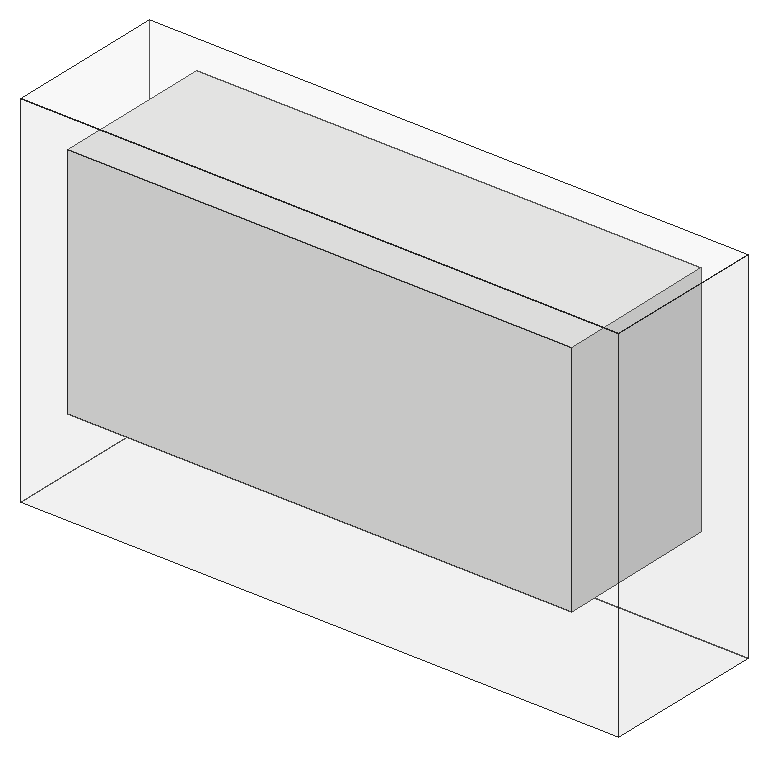
Revit family "vl-10(e)s(r)3-d_50Hz", category 機械設備, Revit 2019
Family settings
  丸型コネクタ寸法 = 直径を使用
  パーツ タイプ = 標準
  OmniClass 番号 = 23.75.35.17.27
  OmniClass タイトル = Centrifugal Fans
  作業面ベース = いいえ
  常に垂直 = はい
  ロード時にボイドで切り取り = いいえ
  共有 = いいえ
  部屋計算ポイント = いいえ
Parameters (values of type "VL-10ES3-D")
  騒音レベル(dB(A)) [instance] = 36.5
  風量 [instance] = 45.0 m³/h
  電源種別 [instance] = ""
  電圧 = 100 V
  電動機出力 = 0 W
  電動機_種別 [instance] = ""
  運転質量 = 0.00 kg
  連動 [instance] = ""
  質量 = if(製品質量 > 運転質量, 製品質量, 運転質量) * 1.2  # 6.00 kg
  負荷分類 = 3_ファン類
  説明 = "換気空清機ロスナイ 寒冷地仕様 壁掛1パイプ取付タイプ"
  設計風量 [instance] = 0.0 m³/h
  設置方法 = "壁付"
  記号 [instance] = ""
  製造元 = "三菱電機株式会社"
  製品質量 = 5.00 kg
  製品出荷対象 = "国内"
  製品リリース年月 = "2019年5月16日"
  製品グループ = ""
  系統 [instance] = ""
  符号 [instance] = ""
  積算_科目 = "2 換気設備"
  積算_拾い区分 [instance] = ""
  相 = 1
  盤記号 [instance] = ""
  発停方法 [instance] = ""
  特殊仕様 [instance] = ""
  温度交換効率 = 66.00%
  メンテナンススペース = yes
  火災停止 [instance] = ""
  消費電力 = 19 W
  法定耐用年数 = "15"
  機外静圧 [instance] = 0.0 Pa
  極数 = 2
  材質 [instance] = ""
  操作・制御方式 = ""
  操作・制御スイッチ = ""
  排気量 [instance] = 0.0 m³/h
  形式 = ""
  幹線記号 [instance] = ""
  対象室 [instance] = ""
  実風量 [instance] = 0.0 m³/h
  始動方式 [instance] = "直入"
  外気量 [instance] = 0.0 m³/h
  呼称 = ""
  周波数 = 50 Hz
  参照している仕様書等のバージョン = ""
  分類コード = "50052504100030"
  分類グループ = ""
  価格 = 46900
  企業コード = "108420"
  付属品_防振装置 = ""
  付属品 [instance] = ""
  仕様書バージョン = "Version1.0"
  モデル = "VL-10ES3-D"
  マテリアル = 合成樹脂(白)
  ファンの種類 = ""
  ダクト径 = 100 mm
  コメント [instance] = ""
  Keynote = ""
  Width = 522 mm
  W2 = if(Width / 2 < Depth, Width / 2, Depth)  # 168 mm
  W1 = 57 mm
  Version = ""
  Uniclass2015Version = "Systems v1.9"
  Uniclass2015Title = "Twin centrifugal fans"
  Uniclass2015Code = "Pr_65_67_29_89"
  URL = "https://www.mitsubishielectric.co.jp/ldg/wink/ssl/displayProduct.do?pid=300973"
  SpecificationReference = ""
  SpecificationDescription = ""
  SAサイズ_D = 114 mm
  Revision = ""
  ProductInformation = ""
  OmniClassCode = "23-33 31 19 13 13"
  MIN風量 = 27.0 m³/h
  MIN静圧 = 0.0 Pa
  MID風量 = 0.0 m³/h
  MID静圧 = 0.0 Pa
  MAX風量 = 45.0 m³/h
  MAX静圧 = 0.0 Pa
  IfcTypeProduct = ""
  IfcProduct = ""
  IfcExportType = "CENTRIFUGALBACKWARDINCLINEDCURVED"
  IfcExportAs = "IfcFanType"
  Height = 245 mm
  H1 = 40.5 mm
  EAサイズ_D = 114 mm
  Depth = 168 mm
  D1 = 28 mm
  Clearance Top = 30 mm
  Clearance Right = 49 mm
  Clearance Left = 49 mm
  Clearance Front = 0 mm
  Clearance Bottom = 100 mm
  Clearance Back = 0 mm
  Author = "三菱電機株式会社"
Types (3, lengths in mm): name | 消費電力 | 価格 | モデル | URL
  VL-10S3-D | 19 W | 42100 | "VL-10S3-D" | "https://www.mitsubishielectric.co.jp/ldg/wink/ssl/displayProduct.do?pid=300976"
  VL-10ES3-D | 19 W | 46900 | "VL-10ES3-D" | "https://www.mitsubishielectric.co.jp/ldg/wink/ssl/displayProduct.do?pid=300973"
  VL-10SR3-D | 20 W | 58900 | "VL-10SR3-D" | "https://www.mitsubishielectric.co.jp/ldg/wink/ssl/displayProduct.do?pid=300979"
Reference planes
  plane 1 "中心(正面/背面)": y = 0
  plane 2: z = 0
  plane 3 "中心(左/右)": x = 0
  plane 4: x = 310
  plane 5: y = 0
  plane 6: y = -168
  plane 7: x = -261
  plane 8: x = 261
  plane 9: y = -168
  plane 10: z = 152.5
  plane 11: z = -122.5
  plane 12: x = -310
  plane 13: z = -222.5
  plane 14: y = -84
  plane 15: z = 122.5
  plane 16: y = 28
  plane 17: z = -40.5
  plane 18: x = -130.5
  plane 19: x = 130.5
  plane 20: through (4267.2, -27.218, -39.548) normal (0, 0.0349, 0.9994)
Forms (mm)
  Extrusion 1, solid, material "合成樹脂(白)" <- "マテリアル", detail levels fine
    sketch origin (0, 0, 0) x (1, 0, 0) y (0, 1, 0)
      loop
        line (-261, 0) -> (-261, -168) -> (261, -168) -> (261, 0) -> (-261, 0)
    from -122.5 to 122.5
  Revolve 2, solid, material "合成樹脂(白)" <- "マテリアル", detail levels fine
    sketch origin (0, 0, 0) x (0, 1, 0) y (0, 0, 1)
      loop
        line (-4.86, -40.33) -> (-6.849, -97.296) -> (28, -98.513) -> (29.989, -41.547) -> (-4.86, -40.33)
      axis (-4.86, -40.33) -> (29.989, -41.547)
    angle from 0 to 360
Cuts and joins
  joined: Extrusion 1, Revolve 2
Lines and regions (mm)
  Masking region 1, detail levels coarse+medium
    outline origin (2279.921, -68.194, 0) x (1, 0, 0) y (0, 1, 0)
      loop
        line (-2540.921, 68.194) -> (-2540.921, -99.806) -> (-2018.921, -99.806) -> (-2018.921, 68.194) -> (-2540.921, 68.194)
  symbolic lines, detail levels coarse+medium
    curve 1: circle (130.5, -84, 0) r 84 normal (0, 0, 1)
    curve 2: circle (-130.5, -84, 0) r 84 normal (0, 0, 1)
Dimensions and locks
  equal spacing: plane 7, plane 3 "中心(左/右)", plane 8
  "Width": plane 7 to plane 8
  "Clearance Left": plane 12 to plane 7
  "Depth": plane 1 "中心(正面/背面)" to plane 9
  "Clearance Front": plane 9 to plane 6
  "Clearance Back": plane 5 to plane 1 "中心(正面/背面)"
  "Clearance Right": plane 8 to plane 4
  "Clearance Bottom": plane 11 to plane 13
  equal spacing: plane 1 "中心(正面/背面)", plane 14, plane 9
  "Height": plane 15 to plane 11
  "Clearance Top": plane 10 to plane 15
  equal spacing: plane 15, level, plane 11
  "D1": plane 16 to plane 1 "中心(正面/背面)"
  "H1": level to plane 17
  "W1": Revolve 2 sketch curve to Revolve 2 sketch curve
  equal spacing: plane 7, plane 18, plane 3 "中心(左/右)"
  equal spacing: plane 3 "中心(左/右)", plane 19, plane 8
  "W2": diameter of curve 2
  "W2": diameter of curve 1
  aligned and locked: level to plane 2
  aligned and locked: plane 8 to Extrusion 1
  aligned and locked: Extrusion 1 to plane 9
  aligned and locked: Extrusion 1 to plane 7
  aligned and locked: Extrusion 1 to plane 11
  aligned and locked: Extrusion 1 to plane 1 "中心(正面/背面)"
  aligned and locked: plane 15 to Extrusion 1
  aligned and locked: nested 1 to plane 6
  aligned and locked: nested 1 to plane 5
  aligned and locked: plane 12 to nested 1
  aligned and locked: plane 4 to nested 1
  aligned and locked: plane 13 to nested 1
  aligned and locked: plane 10 to nested 1
  aligned and locked: plane 17 to Revolve 2 sketch curve
  aligned and locked: Masking region 1 to plane 7
  aligned and locked: plane 8 to Masking region 1
  aligned and locked: Masking region 1 to plane 1 "中心(正面/背面)"
  aligned and locked: Masking region 1 to plane 9
Automatic sketch dimensions
  Extrusion 1 sketch curve to plane 3 "中心(左/右)" = 261 mm
  plane 3 "中心(左/右)" to Extrusion 1 sketch curve = 261 mm
  plane 1 "中心(正面/背面)" to Extrusion 1 sketch curve = 168 mm
  Extrusion 1 sketch curve to plane 1 "中心(正面/背面)" = 0 mm
  Masking region 1 sketch curve to plane 4 = 571 mm
  Masking region 1 sketch curve to Masking region 1 sketch curve = 522 mm
  plane 6 to Masking region 1 sketch curve = 0 mm
  plane 14 to Masking region 1 sketch curve = 84 mm
  curve 2 to plane 14 = 0 mm
  curve 2 to plane 18 = 0 mm
  curve 1 to plane 14 = 0 mm
  curve 1 to plane 19 = 0 mm
  Revolve 2 sketch curve to plane 1 "中心(正面/背面)" = 0 mm
  Revolve 2 sketch curve to plane 16 = 0 mm
  plane 16 to Revolve 2 sketch curve = 1.989 mm
  Revolve 2 sketch curve to plane 17 = 1.047 mm  (x2)
  plane 17 to Revolve 2 sketch curve = 0.17 mm
Nested families
  nested 1: "メンテナンススペース" at (0, -84, -35), visible <- "メンテナンススペース", type "メンテナンススペース"
    with Width 620 mm, Height 375 mm, Depth 168 mm
Connectors
  electrical at (0, 0, 0), driven by "極数", driven by "電圧", driven by "消費電力"
    settings: on Extrusion 1, index 1, voltage 100 V, apparent load 19 VA, apparent load phase1 0 VA, apparent load phase2 0 VA, apparent load phase3 0 VA, power factor 1, load classification "その他", number of poles 2, system type 30, power factor state 1, is connector primary yes, connector utility no, sub classification motor no, connector description ""
  hvac at (0, 29.989, -41.547), driven by "ダクト径"
    settings: on cut or joined group of Extrusion 1, Revolve 2, index 2, duct flow 0.0 m³/h, flow factor 0, pres drop 0.0 Pa, loss coef 0, conn angle 0.00°, conn width 304.8 mm, conn height 304.8 mm, conn diameter 100 mm, duct sys type 1, conn prof type 0, flow config 0, flow direction 0, loss method 0, conn ref index -1, conn util no, is conn primary yes, conn desc ""
Definition of nested family "メンテナンススペース"
  Parameters (values of type "メンテナンススペース")
    Width [instance] = 500 mm
    Height [instance] = 500 mm
    Depth [instance] = 500 mm
  Reference planes
    plane 1 "中心(正面/背面)": y = 0
    plane 2: z = 0
    plane 3 "中心(左/右)": x = 0
    plane 4: y = -250
    plane 5: x = 250
    plane 6: y = 250
    plane 7: x = -250
    plane 8: z = 250
    plane 9: z = -250
  Forms (mm)
    Extrusion 1, solid
      sketch origin (-638.939, 0, 72.39) x (1, 0, 0) y (0, 1, 0)
        loop
          line (388.939, 250) -> (388.939, -250) -> (888.939, -250) -> (888.939, 250) -> (388.939, 250)
      from -322.39 to 177.61
  Lines and regions (mm)
    symbolic lines
      curve 1: line (-250, 0, 250) -> (250, 0, 250)
      curve 2: line (-250, 0, -250) -> (-250, 0, 250)
      curve 3: line (250, 0, -250) -> (-250, 0, -250)
      curve 4: line (250, 0, 250) -> (250, 0, -250)
      curve 5: line (0, -250, 250) -> (0, 250, 250)
      curve 6: line (0, -250, -250) -> (0, -250, 250)
      curve 7: line (0, 250, -250) -> (0, -250, -250)
      curve 8: line (0, 250, 250) -> (0, 250, -250)
      curve 9: line (-250, 250, 0) -> (250, 250, 0)
      curve 10: line (-250, -250, 0) -> (-250, 250, 0)
      curve 11: line (250, -250, 0) -> (-250, -250, 0)
      curve 12: line (250, 250, 0) -> (250, -250, 0)
  Dimensions and locks
    equal spacing: plane 7, plane 3 "中心(左/右)", plane 5
    equal spacing: plane 4, plane 1 "中心(正面/背面)", plane 6
    "Depth": plane 4 to plane 6
    "Width": plane 7 to plane 5
    equal spacing: plane 8, plane 2, plane 9
    "Height": plane 8 to plane 9
    aligned and locked: plane 9 to curve 3
    aligned and locked: plane 7 to curve 2
    aligned and locked: curve 4 to plane 5
    aligned and locked: plane 5 to Extrusion 1
    aligned and locked: Extrusion 1 to plane 7
    aligned and locked: Extrusion 1 to plane 9
    aligned and locked: plane 8 to Extrusion 1
    aligned and locked: plane 9 to curve 7
  Automatic sketch dimensions
    plane 4 to Extrusion 1 sketch curve = 0 mm
    Extrusion 1 sketch curve to plane 7 = 0 mm
    Extrusion 1 sketch curve to plane 5 = 0 mm
    plane 6 to Extrusion 1 sketch curve = 0 mm
    curve 2 to plane 8 = 0 mm
    plane 4 to curve 11 = 0 mm
    curve 11 to plane 7 = 0 mm
    curve 11 to plane 5 = 0 mm
    plane 6 to curve 10 = 0 mm
    curve 7 to plane 4 = 0 mm
    curve 7 to plane 6 = 0 mm
    curve 6 to plane 8 = 0 mm
